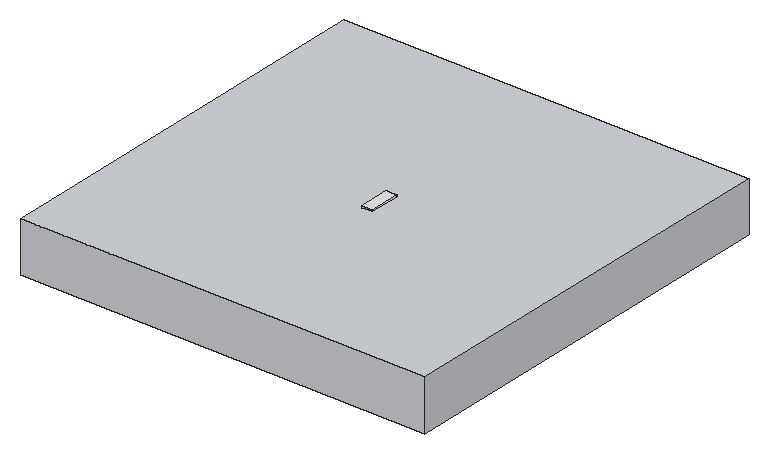
Revit family "Afb. Krone. + Afb. Kor. + Stikk.", category Electrical Fixtures, host Face, Revit 2021
Family settings
  Host = Face
  Maintain Annotation Orientation = Yes
  Round Connector Dimension = Use Diameter
  Part Type = Switch
  Cut with Voids When Loaded = No
  Shared = No
  Room Calculation Point = No
Parameters (values of type "Baseline 63")
  Width Type = 1 mm
  Text = "Text"
  Symbol Position Perpendicular [instance] = 1
  Symbol Position Parallel [instance] = 1
  Ramme = if(RFT = 1, "Baseline 50", if(RFT = 2, "Baseline 63", if(RFT = 3, "Baseline 68", if(RFT = 4, "Baseline Text", if(RFT = 5, "Baseline Asymetric", if(RFT = 6, "Hardline", if(RFT = 7, "Hardline Deco", if(RFT = 8, "Softline 63", if(RFT = 9, "Softline 68", if(RFT = 10, "Softline Text", "Unknown"))))))))))  # "Baseline 63"
  RFT = if(Frame Type < 2, 1, if(Frame Type > 10, 10, Frame Type))  # 2
  Outlet Placement = if(and(Cone, RFT < 6), 38.5 mm, if(and(Cone, RFT > 7), 33 mm, 8.5 mm))  # 8.5 mm
  Modul Width = if(Width Type < 1.1 mm, 50 mm, if(Width Type = 1.5 mm, 77 mm, 100 mm))  # 50 mm
  Modul Height = if(Height Type < 1.1 mm, 50 mm, if(Height Type = 1.5 mm, 77 mm, 100 mm))  # 77 mm
  IsSoftline = or(RFT = 8, RFT = 9)  # no
  IsBaseline = RFT < 4  # yes
  Is Top [instance] = yes
  Is Right [instance] = yes
  Is Left [instance] = yes
  Is Bottom [instance] = yes
  Height Type = 1.5 mm
  GoGetNo = 1615  # constant formula
  Frame Type = 2
  Frame Size = 63 mm
  Frame = LK Frame
  Default Elevation = 1100 mm
  Wall Cut Depth = 50 mm  # constant formula
  Dase Width = if(Width Type = 1 mm, 46 mm, if(Width Type = 1.5 mm, 73 mm, 96 mm))  # 46 mm
  Dase Height = if(Height Type = 1 mm, 46 mm, if(Height Type = 1.5 mm, 73 mm, 96 mm))  # 73 mm
  Dase = no
  Cut Depth = if(not(Dase), 2 mm, 8.5 mm + Wall Cut Depth)  # 2 mm
  Cone = no
  Baseline 63 = RFT = 2  # yes
  Baseline 50 = RFT = 1  # no
  Assembly Code = ""
Reference planes
  plane 1 "Top": y = 0
  plane 2: z = 0
  plane 3 "Center (Left/Right)": x = 0
  plane 4 "Left": x = -25
  plane 5 "Right": x = 25
  plane 6 "Bottom": y = -75.705
  plane 7 "Center (Elevation)": y = -37.853
  plane 8 "Socket": z = 8.5
  plane 9: z = 6.5
  plane 10: y = -1.353
  plane 11: y = -74.353
  plane 12: x = 23
  plane 13: x = -23
  plane 14 "Outlet Location": z = 8.5
  plane 15: y = 46
  plane 16: y = -122.353
  plane 17: y = 22
  plane 18: y = 2.5
  plane 19: y = -47.353
  plane 20: y = 0.647
Forms (mm)
  Extrusion 1, solid
    sketch origin (0, 0, 0) x (1, 0, 0) y (0, 1, 0)
      loop
        line (-1219.2, 1219.2) -> (-1219.2, -1219.2) -> (1219.2, -1219.2) -> (1219.2, 1219.2) -> (-1219.2, 1219.2)
    from 0 to -304.8
  Extrusion 2, void
    sketch origin (0, 0, 0) x (1, 0, 0) y (0, 1, 0)
      loop
        line (-23, 22) -> (-23, -122.353) -> (23, -122.353) -> (23, 22) -> (-23, 22)
    from 0 to 6.5
Dimensions and locks
  equal spacing: plane 4 "Left", plane 3 "Center (Left/Right)", plane 5 "Right"
  equal spacing: plane 6 "Bottom", plane 7 "Center (Elevation)", plane 1 "Top"
  plane 6 "Bottom" to plane 1 "Top" = 75.705 mm
  "Modul Width": plane 4 "Left" to plane 5 "Right"
  locked: plane 8 "Socket" to plane 2 at 8.5
  "Cut Depth": plane 8 "Socket" to plane 9
  equal spacing: plane 10, plane 7 "Center (Elevation)", plane 11
  "Dase Height": plane 10 to plane 11
  equal spacing: plane 13, plane 3 "Center (Left/Right)", plane 12
  "Dase Width": plane 13 to plane 12
  "Outlet Placement": plane 14 "Outlet Location" to plane 2
  aligned and locked: plane 2 to Extrusion 1
  aligned and locked: level to Extrusion 1
  aligned and locked: plane 12 to Extrusion 2 sketch curve
  aligned and locked: Extrusion 2 sketch curve to plane 13
  aligned and locked: nested 1 to plane 16
  aligned and locked: plane 17 to Extrusion 2
  aligned and locked: nested 3 to plane 13
  aligned and locked: plane 12 to nested 3
  aligned and locked: plane 19 to nested 3
  aligned and locked: plane 10 to nested 3
  aligned and locked: plane 20 to nested 5
  aligned and locked: nested 5 to plane 12
  aligned and locked: nested 5 to plane 13
Automatic sketch dimensions
  Extrusion 1 sketch curve to Extrusion 1 sketch curve = 2438.4 mm  (x2)
  plane 16 to Extrusion 2 sketch curve = 0 mm
  plane 10 to Extrusion 2 sketch curve = 23.353 mm
Nested families
  nested 1: "Generic Model_LK FUGA indsats stikkontakt 1½ modul 2-pol med jord" at (0, -85.853, 8.5), type "Generic Model_LK FUGA indsats stikkontakt 1½ modul 2-pol med jord"
  nested 2: "Baseline" at (0, 48, 0), visible <- "IsBaseline", Is Top <- "Is Top", Is Right <- "Is Right", Is Left <- "Is Left", Is Bottom <- "Is Bottom", type "Baseline"
    with Is Top yes, Is Right yes, Is Left yes, Is Bottom yes, Frame Top Thickness 6.5 mm, Frame Thickness 6.5 mm, Frame Right Thickness 6.5 mm, Frame Left Thickness 6.5 mm, Frame Depth 8.5 mm, Frame Bottom Thickness 6.5 mm, C4O yes, C4 0 mm, C3O yes, C3 0 mm, C2O yes, C2 0 mm, C1O yes, C1 0 mm, Frame Size 63 mm
  nested 3: "Generic Model_LK FUGA indsats afbryder 1-pol" at (0, -24.353, 8.5), type "Generic Model_LK FUGA indsats afbryder 1-pol"
  nested 4: "E_Annotation_Symbol" at (0, 0, 0), type "Symbol Label"
    with SymbPosition Perpindicular 1, SymbPosition Parallel 1, SymbPlacement Perpindicular 2.5 mm, SymbPlacement Parallel 1.25 mm
  nested 5: "Generic Model_LK FUGA indsats afbryder 1-pol" at (0, 23.647, 8.5), type "Generic Model_LK FUGA indsats afbryder 1-pol"
Connectors
  electrical at (0, 0, 0)
    settings: on Extrusion 1, index 1, voltage 230 V, apparent load 0 VA, apparent load phase1 16 VA, apparent load phase2 0 VA, apparent load phase3 0 VA, power factor 1, load classification "Power", number of poles 1, system type 31, power factor state 1, is connector primary yes, connector utility no, sub classification motor no, connector description "Switch Connector"
Definition of nested family "Baseline"
  Parameters (values of type "Baseline")
    Width Type = 1 mm
    Modul Width = if(Width Type < 1.1 mm, 50 mm, if(Width Type = 1.5 mm, 77 mm, 100 mm))  # 50 mm
    Modul Height = 173 mm
    Is Top [instance] = yes
    Is Right [instance] = yes
    Is Left [instance] = yes
    Is Bottom [instance] = yes
    Height Type = 1.5 mm
    Frame Top Thickness [instance] = if(Is Top, Frame Thickness, 0 mm)  # 0 mm
    Frame Thickness [instance] = if(Frame Size = 50 mm, 0 mm, if(Frame Size = 63 mm, 6.5 mm, 9 mm))  # 0 mm
    Frame Size = 50 mm
    Frame Right Thickness [instance] = if(Is Right, Frame Thickness, 0 mm)  # 0 mm
    Frame Left Thickness [instance] = if(Is Left, Frame Thickness, 0 mm)  # 0 mm
    Frame Depth [instance] = if(Cone, 38.5 mm, 8.5 mm)  # 8.5 mm
    Frame Bottom Thickness [instance] = if(Is Bottom, Frame Thickness, 0 mm)  # 0 mm
    Frame = none
    Default Elevation = 1100 mm
    Cone = no
    C4O [instance] = and(Is Bottom, Is Left)  # yes
    C4 [instance] = if(C4O, 0 mm, 3 mm)  # 0 mm
    C3O [instance] = and(Is Bottom, Is Right)  # yes
    C3 [instance] = if(C3O, 0 mm, -3 mm)  # 0 mm
    C2O [instance] = and(Is Top, Is Right)  # yes
    C2 [instance] = if(C2O, 0 mm, 3 mm)  # 0 mm
    C1O [instance] = and(Is Top, Is Left)  # yes
    C1 [instance] = if(C1O, 0 mm, -3 mm)  # 0 mm
    Assembly Code = ""
  Reference planes
    plane 1 "Top": y = 0
    plane 2 "Base": z = 0
    plane 3 "Center (Left/Right)": x = 0
    plane 4 "Left": x = -25
    plane 5 "Right": x = 25
    plane 6 "Bottom": y = -173
    plane 7 "Center (Elevation)": y = -86.5
    plane 8: z = 8.5
    plane 9: z = -47.5
    plane 10 "Cone Start": z = -1
    plane 11 "Cone End": z = 30
  Forms (mm)
    Extrusion 1, solid
      sketch origin (0, 0, 0) x (1, 0, 0) y (0, 1, 0)
        loop
          line (-1219.2, 1219.2) -> (-1219.2, -1219.2) -> (1219.2, -1219.2) -> (1219.2, 1219.2) -> (-1219.2, 1219.2)
      from 0 to -304.8
    Extrusion 2, solid, material <- "Frame"
      sketch origin (0, 0, 0) x (1, 0, 0) y (0, 1, 0)
        loop
          line (-25, -173) -> (25, -173) -> (25, 0) -> (-25, 0) -> (-25, -173)
      from 0 to 8.5 <- "Frame Depth"
    Sweep 3, void
      path in 3D
        loop
          line (25, -173, 8.5) -> (25, -173, 0)
      profile "Family1 : Family1" origin (25, -173, 4.25) x (0, 1, 0) y (1, 0, 0)
        loop
          arc (0, -3) -> (0.879, -0.879) -> (3, 0) r 3
          line (3, 0) -> (0, 0) -> (0, -3)
    Sweep 4, void
      path in 3D
        loop
          line (-25, -173, 8.5) -> (-25, -173, 0)
      profile "Family1 : Family1" origin (-25, -173, 4.25) x (0, -1, 0) y (-1, 0, 0)
        loop
          line (0, -3) -> (0, 0) -> (-3, 0)
          arc (-3, 0) -> (-0.879, -0.879) -> (0, -3) r 3
    Sweep 5, void
      path in 3D
        loop
          line (-25, 0, 8.5) -> (-25, 0, 0)
      profile "Family1 : Family1" origin (-25, 0, 4.25) x (0, -1, 0) y (-1, 0, 0)
        loop
          arc (0, -3) -> (0.879, -0.879) -> (3, 0) r 3
          line (3, 0) -> (0, 0) -> (0, -3)
    Sweep 6, void
      path in 3D
        loop
          line (25, 0, 8.5) -> (25, 0, 0)
      profile "Family1 : Family1" origin (25, 0, 4.25) x (0, 1, 0) y (1, 0, 0)
        loop
          line (0, -3) -> (0, 0) -> (-3, 0)
          arc (-3, 0) -> (-0.879, -0.879) -> (0, -3) r 3
  Cuts and joins
    Sweep 3, Sweep 4, Sweep 5, Sweep 6 cuts Extrusion 2
  Lines and regions (mm)
    sketch lines
      curve 1: line (25, -173, 8.5) -> (25, -173, 0)
      curve 2: line (-25, -173, 8.5) -> (-25, -173, 0)
      curve 3: line (-25, 0, 8.5) -> (-25, 0, 0)
      curve 4: line (25, 0, 8.5) -> (25, 0, 0)
  Dimensions and locks
    equal spacing: plane 4 "Left", plane 3 "Center (Left/Right)", plane 5 "Right"
    equal spacing: plane 6 "Bottom", plane 7 "Center (Elevation)", plane 1 "Top"
    "Modul Height": plane 6 "Bottom" to plane 1 "Top"
    "Modul Width": plane 4 "Left" to plane 5 "Right"
    "Frame Top Thickness": Extrusion 2 to plane 1 "Top"
    "Frame Bottom Thickness": plane 6 "Bottom" to Extrusion 2
    "Frame Left Thickness": Extrusion 2 to plane 4 "Left"
    "Frame Right Thickness": plane 5 "Right" to Extrusion 2
    locked: plane 8 to plane 2 "Base" at 8.5
    locked: plane 8 to plane 9 at 56
    plane 2 "Base" to plane 10 "Cone Start" = 1 mm
    locked: plane 11 "Cone End" to plane 2 "Base" at 30
    aligned and locked: plane 2 "Base" to Extrusion 1
    aligned and locked: level to Extrusion 1
  Automatic sketch dimensions
    Extrusion 1 sketch curve to Extrusion 1 sketch curve = 2438.4 mm  (x2)
    Extrusion 2 sketch curve to plane 4 "Left" = 0 mm
    plane 5 "Right" to Extrusion 2 sketch curve = 0 mm
    Extrusion 2 sketch curve to plane 6 "Bottom" = 0 mm
    Extrusion 2 sketch curve to plane 1 "Top" = 0 mm
Definition of nested family "Generic Model_LK FUGA indsats stikkontakt 1½ modul 2-pol med jord"
  Parameters
    Width = 46 mm
    Height = 73 mm
    Default Elevation = 1219.2 mm
  Reference planes
    plane 1 "Center (Front/Back)": y = 0
    plane 2: z = 0
    plane 3 "Center (Left/Right)": x = 0
  Forms (mm)
    Extrusion 1, solid
      sketch origin (0, 0, 0) x (1, 0, 0) y (0, 1, 0)
        loop
          line (-1219.2, 1219.2) -> (-1219.2, -1219.2) -> (1219.2, -1219.2) -> (1219.2, 1219.2) -> (-1219.2, 1219.2)
      from 0 to -304.8
  Lines and regions (mm)
    model lines
      curve 1: line (-23, 36.5, 0) -> (23, 36.5, 0)
      curve 2: line (-23, -36.5, 0) -> (-23, 36.5, 0)
      curve 3: line (23, -36.5, 0) -> (-23, -36.5, 0)
      curve 4: line (23, 36.5, 0) -> (23, -36.5, 0)
      curve 5: circle (0, -4.5, 0) r 19 normal (0, 0, 1)
      curve 6: circle (-9.329, -4.5, 0) r 3 normal (0, 0, 1)
      curve 7: circle (9.329, -4.5, 0) r 3 normal (0, 0, -1)
      curve 8: arc (-2.351, -15.992, 0) -> (0, -20.758, 0) -> (2.351, -15.992, 0) r 2.963
      curve 9: line (-2.351, -15.992, 0) -> (2.351, -15.992, 0)
      curve 10: circle (0, -9.5, 0) r 3 normal (0, 0, 1)
  Dimensions and locks
    aligned and locked: plane 2 to Extrusion 1
    aligned and locked: level to Extrusion 1
Definition of nested family "Generic Model_LK FUGA indsats afbryder 1-pol"
  Parameters (values of type "Generic Model_LK FUGA indsats afbryder 1-pol")
    Width = 46 mm
    Height = 46 mm
    Default Elevation = 1219.2 mm
  Reference planes
    plane 1 "Center (Front/Back)": y = 0
    plane 2: z = 0
    plane 3 "Center (Left/Right)": x = 0
  Forms (mm)
    Extrusion 1, solid
      sketch origin (0, 0, 0) x (1, 0, 0) y (0, 1, 0)
        loop
          line (-1219.2, 1219.2) -> (-1219.2, -1219.2) -> (1219.2, -1219.2) -> (1219.2, 1219.2) -> (-1219.2, 1219.2)
      from 0 to -304.8
  Lines and regions (mm)
    model lines
      curve 1: line (-23, 23, 0) -> (23, 23, 0)
      curve 2: line (-23, -23, 0) -> (-23, 23, 0)
      curve 3: line (23, -23, 0) -> (-23, -23, 0)
      curve 4: line (23, 23, 0) -> (23, -23, 0)
  Dimensions and locks
    aligned and locked: plane 2 to Extrusion 1
    aligned and locked: level to Extrusion 1
Definition of nested family "E_Annotation_Symbol"
  Parameters (values of type "Symbol Label")
    SymbPlacement Parallel [instance] = (SymbPosition Parallel * SymbRadius * 2) - SymbRadius  # 1.25 mm
    SymbRadius = 1.25 mm
    SymbPosition Perpindicular [instance] = 1
    SymbPosition Parallel [instance] = 1
    SymbPlacement Perpindicular [instance] = (SymbPosition Perpindicular * SymbRadius * 2)  # 2.5 mm
  Types (2): name
    Symbol Label
    E_Annotation_Symbol
  Reference planes
    plane 1: y = 0
    plane 2: x = 0
  Lines and regions (mm)
    detail lines
      curve 1: circle (0, 3.75, 0) r 1.25 normal (0, 0, 1)
      curve 5: line (0.717, 4.774, 0) -> (2.868, 7.846, 0)
      curve 6: line (2.868, 7.846, 0) -> (3.892, 7.129, 0)
      curve 11: line (0, 5, 0) -> (0, 8.514, 0)
      curve 12: line (0, 8.514, 0) -> (1.5, 8.514, 0)
      curve 13: line (0, 8.514, 0) -> (-1.5, 8.514, 0)
      curve 14: arc (-1.629, 9.445, 0) -> (0.069, 8.516, 0) -> (1.695, 9.566, 0) r 1.892
      curve 15: circle (0, 1.25, 0) r 1.25 normal (0, 0, 1)
      curve 16: line (0.717, 2.274, 0) -> (2.868, 5.346, 0)
      curve 17: line (2.868, 5.346, 0) -> (3.892, 4.629, 0)
      curve 25: line (-0.717, 0.226, 0) -> (-2.868, -2.846, 0)
      curve 26: line (-2.868, -2.846, 0) -> (-1.844, -3.563, 0)
      curve 27: line (1.144, 4.253, 0) -> (3.83, 6.133, 0)
      curve 28: line (3.83, 6.133, 0) -> (4.547, 5.109, 0)
    reference lines
      curve 2: line (0, 1.25, 0) -> (1.25, 1.25, 0)
      curve 3: line (0, 2.5, 0) -> (1.25, 2.5, 0)
      curve 9: line (0, 0, 0) -> (0, 2.5, 0)
      curve 10: line (1.25, 0, 0) -> (1.25, 2.5, 0)
    detail lines, not visible
      curve 4: circle (0, 1, 0) r 1.25 normal (0, 0, 1)
      curve 7: line (0.717, 2.024, 0) -> (2.868, 5.096, 0)
      curve 8: line (2.868, 5.096, 0) -> (3.892, 4.379, 0)
      curve 18: circle (0, -1.5, 0) r 1.25 normal (0, 0, 1)
      curve 19: line (0.717, -0.476, 0) -> (2.868, 2.596, 0)
      curve 20: line (2.868, 2.596, 0) -> (3.892, 1.879, 0)
      curve 21: line (0, 2.25, 0) -> (0, 5.764, 0)
      curve 22: line (0, 5.764, 0) -> (1.5, 5.764, 0)
      curve 23: line (0, 5.764, 0) -> (-1.5, 5.764, 0)
      curve 24: arc (-1.629, 6.695, 0) -> (0.069, 5.766, 0) -> (1.695, 6.816, 0) r 1.892
      curve 29: line (-0.717, -2.524, 0) -> (-2.868, -5.596, 0)
      curve 30: line (-2.868, -5.596, 0) -> (-1.844, -6.313, 0)
      curve 31: line (1.144, 1.503, 0) -> (3.83, 3.383, 0)
      curve 32: line (3.83, 3.383, 0) -> (4.547, 2.359, 0)
  Dimensions and locks
    "SymbRadius": curve 2 to curve 3
    "SymbPlacement Perpindicular": plane 1 to curve 3
    "SymbPlacement Parallel": plane 2 to curve 10
    "SymbRadius": curve 9 to curve 10
    aligned and locked: plane 1 to curve 10
    aligned and locked: curve 9 to curve 1
  Automatic sketch dimensions
    curve 9 to plane 1 = 0 mm
    curve 11 to curve 14 = 0 mm
    curve 1 to curve 11 = 0 mm
    curve 15 to curve 1 = 0 mm
    curve 11 to curve 5 = 2.868 mm
    curve 16 to curve 5 = 0 mm
    curve 16 to curve 27 = 0.962 mm
    curve 15 to curve 1 = 2.5 mm
    curve 16 to curve 28 = 0.788 mm
    curve 28 to curve 6 = 1.712 mm
    curve 5 to curve 12 = 0.669 mm
    curve 11 to curve 14 = 1.892 mm
    curve 25 to curve 26 = 1.024 mm
    curve 14 to curve 11 = 1.629 mm
    curve 14 to curve 13 = 0.129 mm
    curve 25 to curve 15 = 0.717 mm
    curve 13 to curve 11 = 0 mm
    curve 11 to curve 5 = 0.717 mm
    curve 15 to curve 16 = 0.717 mm
    curve 5 to curve 27 = 0.428 mm
    curve 11 to curve 12 = 1.5 mm
    curve 12 to curve 14 = 0.195 mm
    curve 28 to curve 6 = 0.061 mm
    curve 17 to curve 28 = 0.655 mm
    curve 26 to curve 25 = 0.717 mm
    curve 27 to curve 17 = 1.093 mm
    curve 16 to curve 17 = 1.024 mm
    curve 21 to curve 24 = 0 mm
    curve 4 to curve 21 = 0 mm
    curve 18 to curve 4 = 0 mm
    curve 21 to curve 7 = 2.868 mm
    curve 19 to curve 7 = 0 mm
    curve 19 to curve 31 = 0.962 mm
    curve 18 to curve 4 = 2.5 mm
    curve 19 to curve 32 = 0.788 mm
    curve 32 to curve 8 = 1.712 mm
    curve 7 to curve 22 = 0.669 mm
    curve 21 to curve 24 = 1.892 mm
    curve 29 to curve 30 = 1.024 mm
    curve 24 to curve 21 = 1.629 mm
    curve 24 to curve 23 = 0.129 mm
    curve 29 to curve 18 = 0.717 mm
    curve 23 to curve 21 = 0 mm
    curve 21 to curve 7 = 0.717 mm
    curve 18 to curve 19 = 0.717 mm
    curve 7 to curve 31 = 0.428 mm
    curve 21 to curve 22 = 1.5 mm
    curve 22 to curve 24 = 0.195 mm
    curve 32 to curve 8 = 0.061 mm
    curve 20 to curve 32 = 0.655 mm
    curve 30 to curve 29 = 0.717 mm
    curve 31 to curve 20 = 1.093 mm
    curve 19 to curve 20 = 1.024 mm
    curve 25 to curve 15 = 1.024 mm
    curve 1 to curve 16 = 1.596 mm
    curve 25 to curve 12 = 2.868 mm
    curve 29 to curve 18 = 1.024 mm
    curve 4 to curve 19 = 1.596 mm
    curve 29 to curve 22 = 2.868 mm
